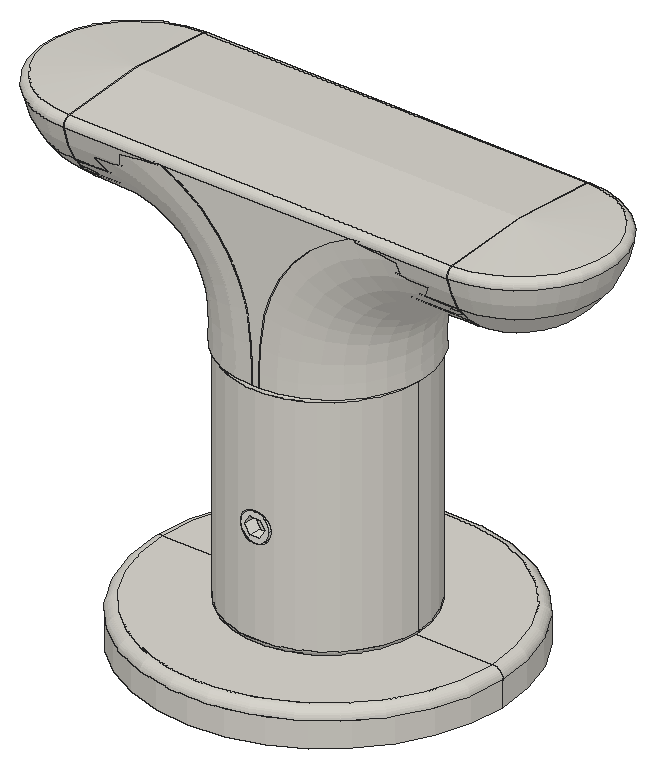
Revit family "Accessory-Robe_Hook-KALLISTA-Capsule-P34139", category Specialty Equipment, host Face, Revit 2021
Family settings
  Host = Face
  Round Connector Dimension = Use Diameter
  Part Type = Normal
  OmniClass Number = 23.31.25.27
  OmniClass Title = Robe Hooks
  Cut with Voids When Loaded = No
  Shared = No
  Room Calculation Point = No
Parameters (values of type "SN-Polished Nickel")
  Width = 2 129/256"  # constant formula
  WaterSense Certified = 1 = 0  # no
  URL = "https://www.kallista.com/"
  Type = 2
  Product Page URL = "https://www.kallista.com/products/luxury-bathroom/accessories/hooks/002-hook-p34139-00/sn-polished-nickel"
  Product Name = "Capsule"  # constant formula
  Product Documentation Link = "https://resources.kohler.com/interiors/kallista/pdf/P34139-00_spec_US-CA_Kallista_en.pdf"
  Model = if(Type = 1, "P34139-00-CP", if(Type = 2, "P34139-00-SN", if(Type = 3, "P34139-00-BAF", if(Type = 4, "P34139-00-BL", if(Type = 5, "P34139-00-BN", if(Type = 6, "P34139-00-2MB", "NA"))))))  # "P34139-00-SN"
  Material = "Premium Metal Construction"  # constant formula
  Master Format 2014 Name = "Toilet, Bath, and Laundry Accessories"  # constant formula
  Master Format 2014 = "10 28 00"  # constant formula
  Manufacturer Address = "444 Highland Dr, Kohler, WI 53044"  # constant formula
  Manufacturer = "Kallista Co."  # constant formula
  Length = 3 41/256"  # constant formula
  Height = 1 31/32"  # constant formula
  Finish = Kallista-Metal-SN-Polished_Nickel
  Environmental Product Declaration = ""
  Description = "Capsule Hook"  # constant formula
  Default Elevation = 42"
  Declare Label = ""
  Date Modified = "12/31/2024"  # constant formula
  Date Created = "08/31/2023"  # constant formula
  Copyright = "Copyright Kallista Co."  # constant formula
  Contact Us = "https://www.kallista.com/corporate/contact-us/"
  Assembly Code = "C1030200"
  ADA Compliant = 1 = 0  # no
Types (7): name | Type | Product Page URL | Model | Finish
  (no name) | 2 | "https://www.kallista.com/products/luxury-bathroom/accessories/hooks/002-hook-p34139-00/sn-polished-nickel" | "P34139-00-SN" | Kallista-Metal-SN-Polished_Nickel
  CP-Chrome | 1 | "https://www.kallista.com/products/luxury-bathroom/accessories/hooks/002-hook-p34139-00/cp-chrome" | "P34139-00-CP" | Kallista-Metal-CP-Chrome
  SN-Polished Nickel | 2 | "https://www.kallista.com/products/luxury-bathroom/accessories/hooks/002-hook-p34139-00/sn-polished-nickel" | "P34139-00-SN" | Kallista-Metal-SN-Polished_Nickel
  BAF-Brushed French Gold | 3 | "https://www.kallista.com/products/luxury-bathroom/accessories/hooks/002-hook-p34139-00/baf-brushed-french-gold" | "P34139-00-BAF" | Kallista-Metal-BAF-Brushed_French_Gold
  BL-Matte Black | 4 | "https://www.kallista.com/products/luxury-bathroom/accessories/hooks/002-hook-p34139-00/bl-matte-black" | "P34139-00-BL" | Kalista-Metal-BL-Matte_Black
  BN-Brushed Nickel | 5 | "https://www.kallista.com/products/luxury-bathroom/accessories/hooks/002-hook-p34139-00/bn-brushed-nickel" | "P34139-00-BN" | Kallista-Metal-BN-Brushed_Nickel
  2MB-Brushed Brass | 6 | "" | "P34139-00-2MB" | Kallista-Metal-2MB-Brushed_Brass
Reference planes (in)
  plane 1 "Center (Front/Back)": y = 0
  plane 2: z = 0
  plane 3 "Center (Left/Right)": x = 0
  plane 4: y = 0.98425
  plane 5: y = -0.9845
  plane 6: x = 1.58071
  plane 7: x = -1.57945
  plane 8: y = -0.50984
  plane 9: x = 0.98425
  plane 10: x = -0.98425
  plane 11: y = 0.50984
  plane 12: z = 0.19685
  plane 13: z = 2.50391
  plane 14: z = 2.46968
Dimensions and locks (in)
  "Length": plane 7 to plane 6
  "Height": plane 4 to plane 5
  plane 10 to plane 9 = 1.9685"
  plane 11 to plane 8 = 1.01969"  (x2)
  level to plane 12 = 0.19685"
  "Width": level to plane 13
  plane 4 to plane 5 = 1 31/32"
  level to plane 13 = 2 129/256"
  plane 12 to level = 0.19685"
  plane 7 to plane 6 = 3 41/256"
  aligned and locked: plane 2 to host face
  aligned and locked: level to host face
Automatic sketch dimensions
  host sketch curve to host sketch curve = 96"  (x2)
Nested families (in)
  nested 1: "P34139" at (0, 0, 0), type "P34139"
Definition of nested family "P34139"
  Parameters
    Material = none
    Default Elevation = 0"
  Reference planes (in)
    plane 1 "Center (Front/Back)": y = 0
    plane 2: z = 0
    plane 3 "Center (Left/Right)": x = 0
    plane 4: y = -0.98425
    plane 5: y = 0.98425
    plane 6: x = -0.98425
    plane 7: x = 0.98425
    plane 8: y = 0.50984
    plane 9: y = -0.50984
    plane 10: z = 2.50394
    plane 11: x = -0.50984
    plane 12: x = 0.50984
    plane 13: z = 0.19685
    plane 14: x = -1.58071
    plane 15: x = 1.58071
  Forms (in)
    Extrusion 1, solid, material <- "Material", detail levels medium+fine
      sketch origin (0, 0, 0) x (0, 1, 0) y (0, 0, 1)
        loop
          arc (-0.43105, 2.23132) -> (0, 1.99782) -> (0.43105, 2.23132) r 0.51461
          arc (0.43105, 2.23132) -> (0.47877, 2.32192) -> (0.50891, 2.41978) r 0.55101
          arc (0.50891, 2.41978) -> (0.5019, 2.45276) -> (0.47284, 2.46986) r 0.04182
          arc (0.47284, 2.46986) -> (-0.00057, 2.50394) -> (-0.47398, 2.46971) r 3.29782
          arc (-0.47398, 2.46971) -> (-0.50224, 2.45229) -> (-0.50891, 2.41978) r 0.04182
          arc (-0.50891, 2.41978) -> (-0.47877, 2.32192) -> (-0.43105, 2.23132) r 0.55101
      from -1.07904 to 1.07904
    Revolve 2, solid, material <- "Material", detail levels medium+fine
      sketch origin (0, 0, 0) x (1, 0, 0) y (0, 0, 1)
        loop
          line (0, 0) -> (0.98425, 0) -> (0.98425, 0.13849)
          arc (0.98425, 0.13849) -> (0.96716, 0.17976) -> (0.92589, 0.19685) r 0.05837
          line (0.92589, 0.19685) -> (0.49247, 0.19685)
          arc (0.49247, 0.19685) -> (0.50508, 0.20675) -> (0.50984, 0.22205) r 0.02696
          line (0.50984, 0.22205) -> (0.50984, 1.47625)
          arc (0.50984, 1.47625) -> (0.5038, 1.49084) -> (0.48921, 1.49688) r 0.02063
          line (0.48921, 1.49688) -> (0, 1.49688) -> (0, 0)
        axis (0, 0) -> (0, 1.49688)
      angle from 0 to 360
    Sweep 3, solid, material <- "Material", detail levels medium+fine
      path origin (-0.02461, 0, 0) x (1, 0, 0) y (0, 0, 1)
        loop
          spline (-0.50678, 1.4986) -> (-0.50601, 1.54782) -> (-0.50535, 1.6018) -> (-0.50724, 1.65869) -> (-0.51412, 1.71664) -> (-0.52843, 1.77383) -> (-0.55262, 1.8284) -> (-0.58914, 1.87851) -> (-0.64042, 1.92233) -> (-0.70892, 1.95801) -> (-0.79707, 1.98371) -> (-0.90733, 1.9976) -> (-1.04213, 1.99782)
      profile origin (-0.53138, 0, 1.4986) x (-1, 0, 0) y (0, -1, 0)
        loop
          line (-0.50937, 0.50984) -> (-0.50937, -0.50984)
          arc (-0.50937, -0.50984) -> (0.00047, 0) -> (-0.50937, 0.50984) r 0.50984
    Revolve 4, solid, material <- "Material", detail levels medium+fine
      sketch origin (1.07904, 0, 0) x (0, 1, 0) y (0, 0, 1)
        loop
          arc (0, 2.50394) -> (-0.23761, 2.49537) -> (-0.47398, 2.46971) r 3.29782
          arc (-0.47398, 2.46971) -> (-0.50224, 2.45229) -> (-0.50891, 2.41978) r 0.04182
          arc (-0.50891, 2.41978) -> (-0.47877, 2.32192) -> (-0.43105, 2.23132) r 0.55101
          arc (-0.43105, 2.23132) -> (-0.24512, 2.05994) -> (0, 1.99782) r 0.51461
          line (0, 1.99782) -> (0, 2.50394)
        axis (0, 2.50394) -> (0, 1.99782)
      angle from 360 to 180
    Revolve 5, solid, material <- "Material", detail levels medium+fine
      sketch origin (-1.07904, 0, 0) x (0, 1, 0) y (0, 0, -1)
        loop
          line (0, -2.50394) -> (0, -1.99782)
          arc (0, -1.99782) -> (-0.24512, -2.05994) -> (-0.43105, -2.23132) r 0.51461
          arc (-0.43105, -2.23132) -> (-0.47877, -2.32192) -> (-0.50891, -2.41978) r 0.55101
          arc (-0.50891, -2.41978) -> (-0.50224, -2.45229) -> (-0.47398, -2.46971) r 0.04182
          arc (-0.47398, -2.46971) -> (-0.23761, -2.49537) -> (0, -2.50394) r 3.29782
        axis (0, -2.50394) -> (0, -1.99782)
      angle from 360 to 180
    Sweep 6, solid, material <- "Material", detail levels medium+fine
      path origin (0.02461, 0, 0) x (-1, 0, 0) y (0, 0, -1)
        loop
          spline (-0.50678, -1.4986) -> (-0.50601, -1.54782) -> (-0.50535, -1.6018) -> (-0.50724, -1.65869) -> (-0.51412, -1.71664) -> (-0.52843, -1.77383) -> (-0.55262, -1.8284) -> (-0.58914, -1.87851) -> (-0.64042, -1.92233) -> (-0.70892, -1.95801) -> (-0.79707, -1.98371) -> (-0.90733, -1.9976) -> (-1.04213, -1.99782)
      profile origin (0.53138, 0, 1.4986) x (-1, 0, 0) y (0, -1, 0)
        loop
          arc (0.50937, 0.50984) -> (-0.00047, 0) -> (0.50937, -0.50984) r 0.50984
          line (0.50937, -0.50984) -> (0.50937, 0.50984)
    Extrusion 7, void
      sketch origin (0, 0, 0) x (1, 0, 0) y (0, 0, 1)
        loop
          line (-1.18884, 2.71637) -> (-1.18884, 2.42243) -> (1.25189, 2.42243) -> (1.25189, 2.71637) -> (-1.18884, 2.71637)
      from -1.01342 to 0.94216
    Extrusion 8, solid, material <- "Material", detail levels medium+fine
      sketch origin (0, 0, 0) x (1, 0, 0) y (0, 0, 1)
        loop
          line (-0.02201, 1.4986) -> (0.02201, 1.4986)
          spline (0.02201, 1.4986) -> (0.02165, 1.52377) -> (0.02083, 1.56576) -> (0.02073, 1.62142) -> (0.0234, 1.68949) -> (0.03133, 1.76916) -> (0.04842, 1.85997) -> (0.07902, 1.96094) -> (0.12766, 2.06801) -> (0.19834, 2.17559) -> (0.29115, 2.27512) -> (0.40173, 2.35836) -> (0.52389, 2.42243)
          line (0.52389, 2.42243) -> (-0.52389, 2.42243)
          spline (-0.52389, 2.42243) -> (-0.40173, 2.35836) -> (-0.29115, 2.27512) -> (-0.19834, 2.17559) -> (-0.12766, 2.06801) -> (-0.07902, 1.96094) -> (-0.04842, 1.85997) -> (-0.03133, 1.76916) -> (-0.0234, 1.68949) -> (-0.02073, 1.62142) -> (-0.02083, 1.56576) -> (-0.02165, 1.52377) -> (-0.02201, 1.4986)
      from -0.50984 to 0.50984
    Extrusion 9, solid, detail levels medium+fine
      sketch origin (0, 0, 0) x (1, 0, 0) y (0, 0, 1)
        loop
          line (0.02841, 0.83661) -> (-0.02841, 0.83661) -> (-0.05683, 0.7874) -> (-0.02841, 0.73819) -> (0.02841, 0.73819) -> (0.05683, 0.7874) -> (0.02841, 0.83661)
        loop
          arc (-0.07874, 0.7874) -> (-0.05568, 0.73172) -> (0, 0.70866) r 0.07874
          arc (0, 0.70866) -> (0.05568, 0.73172) -> (0.07874, 0.7874) r 0.07874
          arc (0.07874, 0.7874) -> (0.05568, 0.84308) -> (0, 0.86614) r 0.07874
          arc (0, 0.86614) -> (-0.05568, 0.84308) -> (-0.07874, 0.7874) r 0.07874
      from 0.40551 to 0.51052
    Blend 10, void
      base sketch origin (0, 0, 0) x (1, 0, 0) y (0, 0, 1)
        loop
          circle (0, 0.7874) r 0.10365
      top sketch origin (0, 0, 0) x (1, 0, 0) y (0, 0, 1)
        loop
          circle (0, 0.7874) r 0.08283
      from 0.44081 to 0.51941
    Revolve 11, solid, material <- "Material", detail levels coarse
      sketch origin (0, 0, 0) x (1, 0, 0) y (0, 0, 1)
        loop
          line (0, 2.45105) -> (-0.50984, 2.45105) -> (-0.50984, 0.19685) -> (-0.98425, 0.19685) -> (-0.98425, 0) -> (0, 0) -> (0, 2.45105)
        axis (0, 2.45105) -> (0, 0)
      angle from 0 to 360
    Extrusion 12, solid, material <- "Material", detail levels coarse
      sketch origin (0, 0, 0) x (1, 0, 0) y (0, 1, 0)
        loop
          line (1.06903, 0.50984) -> (-1.07245, 0.50984)
          arc (-1.07245, 0.50984) -> (-1.58229, 0) -> (-1.07245, -0.50984) r 0.50984
          line (-1.07245, -0.50984) -> (1.06903, -0.50984)
          arc (1.06903, -0.50984) -> (1.57888, 0) -> (1.06903, 0.50984) r 0.50984
      from 1.97274 to 2.49054
    Extrusion 13, solid, detail levels coarse
      sketch origin (0.00308, 0, -0.00308) x (1, 0, 0) y (0, 0, 1)
        loop
          circle (-0.00301, 0.79128) r 0.08352
      from 0.45401 to 0.50984
  Cuts and joins
    joined: Revolve 4, Revolve 5, Extrusion 8
    Extrusion 7 cuts Sweep 3
    Extrusion 7 cuts Sweep 6
    joined: Sweep 3, Sweep 6
    Blend 10 cuts Revolve 2
    joined: Revolve 11, Extrusion 12
  Lines and regions (in)
    Masking region 1
      outline origin (0, 0, 0) x (1, 0, 0) y (0, 1, 0)
        loop
          arc (-0.85961, -0.50984) -> (0, -0.98425) -> (0.85961, -0.50984) r 1.016
          line (0.85961, -0.50984) -> (1.07006, -0.50984)
          arc (1.07006, -0.50984) -> (1.5799, 0) -> (1.07006, 0.50984) r 0.50984
          line (1.07006, 0.50984) -> (0.85961, 0.50984)
          arc (0.85961, 0.50984) -> (0, 0.98425) -> (-0.85961, 0.50984) r 1.016
          line (-0.85961, 0.50984) -> (-1.07188, 0.50984)
          arc (-1.07188, 0.50984) -> (-1.58173, 0) -> (-1.07188, -0.50984) r 0.50984
          line (-1.07188, -0.50984) -> (-0.85961, -0.50984)
    Masking region 2
      outline origin (0, 0, 0) x (1, 0, 0) y (0, 0, 1)
        loop
          line (1.14192, 2.50394) -> (-1.14192, 2.50394)
          arc (-1.14192, 2.50394) -> (-1.27407, 2.49941) -> (-1.4056, 2.48585) r 1.93105
          arc (-1.4056, 2.48585) -> (-1.4736, 2.47713) -> (-1.54174, 2.46968) r 3.65358
          arc (-1.54174, 2.46968) -> (-1.57203, 2.45261) -> (-1.57994, 2.41876) r 0.04322
          arc (-1.57994, 2.41876) -> (-1.40342, 2.11783) -> (-1.07542, 1.99897) r 0.51392
          line (-1.07542, 1.99897) -> (-0.85338, 1.99897)
          arc (-0.85338, 1.99897) -> (-0.61046, 1.89835) -> (-0.50984, 1.65544) r 0.34353
          line (-0.50984, 1.65544) -> (-0.50984, 1.51651)
          arc (-0.50984, 1.51651) -> (-0.50405, 1.50253) -> (-0.49008, 1.49674) r 0.01977
          arc (-0.49008, 1.49674) -> (-0.50407, 1.49098) -> (-0.50984, 1.47705) r 0.01969
          line (-0.50984, 1.47705) -> (-0.50984, 0.22464)
          arc (-0.50984, 0.22464) -> (-0.50564, 0.20867) -> (-0.49412, 0.19685) r 0.03242
          line (-0.49412, 0.19685) -> (-0.92865, 0.19685)
          arc (-0.92865, 0.19685) -> (-0.96797, 0.18056) -> (-0.98425, 0.14124) r 0.05561
          line (-0.98425, 0.14124) -> (-0.98425, 0) -> (0.98425, 0) -> (0.98425, 0.14386)
          arc (0.98425, 0.14386) -> (0.96873, 0.18133) -> (0.93127, 0.19685) r 0.05299
          line (0.93127, 0.19685) -> (0.49412, 0.19685)
          arc (0.49412, 0.19685) -> (0.50564, 0.20867) -> (0.50984, 0.22464) r 0.03242
          line (0.50984, 0.22464) -> (0.50984, 1.47705)
          arc (0.50984, 1.47705) -> (0.50407, 1.49098) -> (0.49015, 1.49674) r 0.01969
          arc (0.49015, 1.49674) -> (0.50405, 1.50253) -> (0.50984, 1.51651) r 0.01977
          line (0.50984, 1.51651) -> (0.50984, 1.65544)
          arc (0.50984, 1.65544) -> (0.61046, 1.89835) -> (0.85338, 1.99897) r 0.34353
          line (0.85338, 1.99897) -> (1.07542, 1.99897)
          arc (1.07542, 1.99897) -> (1.40342, 2.11783) -> (1.57994, 2.41876) r 0.51392
          arc (1.57994, 2.41876) -> (1.57203, 2.45261) -> (1.54174, 2.46968) r 0.04322
          arc (1.54174, 2.46968) -> (1.4736, 2.47713) -> (1.4056, 2.48585) r 3.65358
          arc (1.4056, 2.48585) -> (1.27407, 2.49941) -> (1.14192, 2.50394) r 1.93105
    Masking region 3
      outline origin (0, 0, 0) x (0, 1, 0) y (0, 0, 1)
        loop
          arc (-0.5087, 2.41911) -> (-0.5022, 2.45237) -> (-0.47317, 2.46982) r 0.04171
          arc (-0.47317, 2.46982) -> (-0.34811, 2.48388) -> (-0.22278, 2.49513) r 5.61229
          arc (-0.22278, 2.49513) -> (0.00342, 2.50399) -> (0.22962, 2.49513) r 2.89125
          arc (0.22962, 2.49513) -> (0.34906, 2.48413) -> (0.46816, 2.46989) r 4.42546
          arc (0.46816, 2.46989) -> (0.49795, 2.45392) -> (0.50984, 2.42228) r 0.04803
          line (0.50984, 2.42228) -> (0.50984, 1.51666)
          arc (0.50984, 1.51666) -> (0.50405, 1.50266) -> (0.48989, 1.49687) r 0.01979
          arc (0.48989, 1.49687) -> (0.504, 1.49102) -> (0.50984, 1.47691) r 0.01996
          line (0.50984, 1.47691) -> (0.50984, 0.21702)
          arc (0.50984, 0.21702) -> (0.504, 0.20282) -> (0.48985, 0.19685) r 0.02017
          line (0.48985, 0.19685) -> (0.92596, 0.19685)
          arc (0.92596, 0.19685) -> (0.96718, 0.17978) -> (0.98425, 0.13856) r 0.05829
          line (0.98425, 0.13856) -> (0.98425, 0) -> (-0.98425, 0) -> (-0.98425, 0.13819)
          arc (-0.98425, 0.13819) -> (-0.96707, 0.17967) -> (-0.92559, 0.19685) r 0.05866
          line (-0.92559, 0.19685) -> (-0.4895, 0.19685)
          arc (-0.4895, 0.19685) -> (-0.50387, 0.20269) -> (-0.50984, 0.21702) r 0.02017
          line (-0.50984, 0.21702) -> (-0.50984, 1.47593)
          arc (-0.50984, 1.47593) -> (-0.50371, 1.49073) -> (-0.48891, 1.49687) r 0.02093
          arc (-0.48891, 1.49687) -> (-0.50392, 1.50279) -> (-0.50984, 1.51708) r 0.02021
          line (-0.50984, 1.51708) -> (-0.50984, 2.42435)
    symbolic lines, detail levels medium+fine
      curve 1: arc (1.07006, -0.47835, 0) -> (1.54841, 0, 0) -> (1.07006, 0.47835, 0) r 0.47835
      curve 2: arc (-1.07188, 0.47835, 0) -> (-1.55023, 0, 0) -> (-1.07188, -0.47835, 0) r 0.47835
      curve 3: line (0.96484, -0.50984, 0) -> (-0.98549, -0.50984, 0)
      curve 4: line (0.96149, 0.50984, 0) -> (-0.96575, 0.50984, 0)
      curve 5: line (1.07006, 0.47835, 0) -> (-1.07188, 0.47835, 0)
      curve 6: line (1.07006, -0.47835, 0) -> (-1.07188, -0.47835, 0)
      curve 7: arc (0.77288, 0.50984, 0) -> (0.0033, 0.91865, 0) -> (-0.76628, 0.50984, 0) r 0.92877
      curve 8: arc (0.78617, -0.50984, 0) -> (0.0033, -0.92005, 0) -> (-0.77957, -0.50984, 0) r 0.95214
      curve 9: line (1.07006, -0.47835, 0) -> (1.07006, 0.47835, 0)
      curve 10: line (-1.07188, -0.47835, 0) -> (-1.07188, 0.47835, 0)
      curve 11: line (0.49015, 0, 1.49674) -> (-0.49008, 0, 1.49674)
      curve 12: line (0.49412, 0, 0.19685) -> (-0.49412, 0, 0.19685)
      curve 13: line (0.50984, 0, 0.22464) -> (-0.50984, 0, 0.22464)
      curve 14: line (0.98425, 0, 0.13771) -> (-0.98425, 0, 0.13771)
      curve 15: line (0.50984, 0, 1.51651) -> (-0.50984, 0, 1.51651)
      curve 16: line (0.50984, 0, 1.47705) -> (-0.50984, 0, 1.47705)
      curve 17: line (1.57994, 0, 2.41876) -> (-1.57994, 0, 2.41876)
      curve 18: line (1.54174, 0, 2.46968) -> (-1.54174, 0, 2.46968)
      curve 19: line (0, 0.98425, 0.13856) -> (0, -0.98425, 0.13856)
      curve 20: line (0, 0.48985, 0.19685) -> (0, -0.4895, 0.19685)
      curve 21: line (0, 0.50984, 0.21702) -> (0, -0.50984, 0.21702)
      curve 22: line (0, 0.49005, 1.49687) -> (0, -0.48963, 1.49687)
      curve 23: line (0, 0.50984, 1.51666) -> (0, -0.51058, 1.51666)
      curve 24: line (0, 0.50984, 1.47691) -> (0, -0.50984, 1.47691)
      curve 25: arc (0, 0.43795, 2.23992) -> (0, 0.0016, 1.99782) -> (0, -0.43475, 2.23992) r 0.51427
      curve 26: arc (0, -0.43475, 2.23992) -> (0, -0.48021, 2.32892) -> (0, -0.50988, 2.42435) r 0.5856
      curve 27: arc (0, 0.50833, 2.42435) -> (0, 0.48207, 2.32873) -> (0, 0.43795, 2.23992) r 0.51427
      curve 28: line (0, 0.50833, 2.42435) -> (0, -0.50988, 2.42435)
      curve 29: line (0, 0.46816, 2.46989) -> (0, -0.47306, 2.46989)
  Dimensions and locks (in)
    plane 6 to plane 7 = 1.9685"
    plane 4 to plane 5 = 1.9685"
    plane 9 to plane 8 = 1.01969"
    level to plane 10 = 2.50394"
    plane 12 to plane 11 = 1.01969"
    level to plane 13 = 0.19685"
    plane 10 to level = 2.50394"
    plane 5 to plane 4 = 1.9685"
    plane 13 to level = 0.19685"
    plane 8 to plane 9 = 1.01969"
    plane 14 to plane 15 = 3.16142"
    aligned and locked: plane 2 to level
